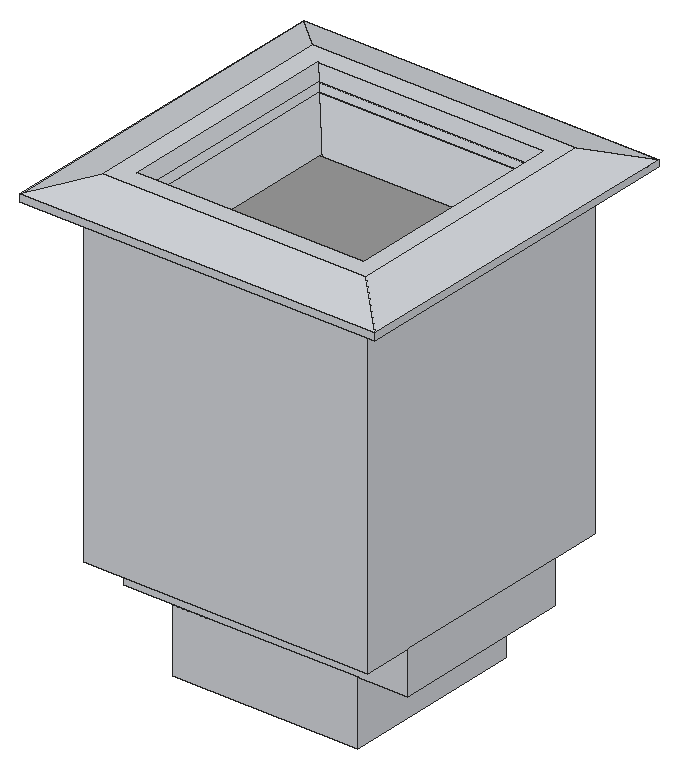
Revit family "2061029 Sylvania Lighting Fixture DOMINO 1xLED 940 BLACK NB TRIM WHITE", category Lighting Fixtures, host Face, Revit 2018
Family settings
  Host = Face
  Round Connector Dimension = Use Diameter
  Part Type = Normal
  OmniClass Number = 23.80.70.00
  OmniClass Title = Lighting
  Cut with Voids When Loaded = No
  Light Source = Yes
  Shared = No
  Room Calculation Point = No
Parameters (values of type "2061029 DOMINO 1XLED 940 BLACK NB TR WHT ")
  top top width = 15.812 mm
  top top length = 26 mm
  Width = 50 mm
  Weight = "n/a"
  Wattage Comments = ""
  Wattage = 9.2903 W
  WarrantyStartDate [instance] = "n/a"
  WarrantyGuarantorParts = "n/a"
  WarrantyDurationUnit = "n/a"
  WarrantyDurationParts = ""
  WarrantyDescription = "http://www.sylvania-lighting.com"
  built-in parameter 1150110 = 1 (stored number, unit not read)
  Voltage = 0 V
  URL = "0.6"
  TypeName = "DOMINO 1xLED 940 BLACK NB TRIM WHITE"
  Type Image = <None>
  Type Comments = "n/a"
  built-in parameter 1114217 = 1 (stored number, unit not read)
  Top Width = 26 mm
  Tilt Angle = 90.00°
  built-in parameter 1150109 = 1 (stored number, unit not read)
  built-in parameter 1150134 = 3
  built-in parameter 1150113 = 1 (stored number, unit not read)
  SerialNumber [instance] = "n/a"
  Recessed Width = 43 mm
  Recessed Length = 43 mm
  Photometric Web File = "2061029.ies"
  Material_3_FEILO = none
  PowerFactor = 0
  PowerConsumption = "Lighting"
  NominalLength = 50 mm
  NominalHeight = 0 mm
  NominalDepth = 0 mm
  Name = "DOMINO 1xLED 940 BLACK NB TRIM WHITE"
  ModelReference = Name  # "DOMINO 1xLED 940 BLACK NB TRIM WHITE"
  ModelNumber = "2061029"
  Model = Name  # "DOMINO 1xLED 940 BLACK NB TRIM WHITE"
  Material = "Feilo Sylvania"
  ManufacturerName = "49 lm/W"
  Manufacturer = ""
  LuminousEfficacy = ""
  built-in parameter 1150105 = 109.82 (stored number, unit not read)
  Lumens = 1380 lm
  LuminaireType = "0"
  built-in parameter 1150115 = 1 (stored number, unit not read)
  LightOutputRatio = "LED"
  built-in parameter 1150137 = (empty or 0)
  built-in parameter 1150139 = (empty or 0)
  Lens inside recess = 25 mm
  Lens Width = 32 mm
  Lens Outside recess = 31.978 mm
  Lens = Glass, White, High Luminance
  Length = 50 mm
  LampsType = Lamp  # "n/a"
  LampNominalLuminous = "4000 K"
  LampMacAdamStep = "90"
  LampColourTemperature = "LED"
  LampColourRenderingIndex = "16500"
  built-in parameter 1150112 = 1 (stored number, unit not read)
  built-in parameter 1150114 = 1 (stored number, unit not read)
  Lamp = "n/a"
  Keynote = "n/a"
  InstallationDate [instance] = "n/a"
  InputVoltage = "0"
  InputNominalFrequency = "4000"
  built-in parameter 1150132 = (empty or 0)
  built-in parameter 1150102 = (empty or 0)
  built-in parameter 1150107 = 3200 (stored number, unit not read)
  built-in parameter 1150138 = (empty or 0)
  IngressProtection = "IfcLightFixtureType"
  ImpactProtectionIndex = "IfcLightFixtureType"
  built-in parameter 1150106 = 1.0982 (stored number, unit not read)
  IfcExportType = "IfcLightFixtureType"
  IfcExportAs = "Class II"
  Facia internal width = 37 mm
  Facia internal length = 37 mm
  Facia Height = 2 mm
  ExpectedLife = 50000
  Emit from Circle Diameter = 609.6 mm
  Emit Shape Visible in Rendering = no
  ElectricShockClassification = "49"
  built-in parameter 1150104 = 13.8 (stored number, unit not read)
  DurationUnit = "hours"
  DocumentationLiterature = "http://www.sylvania-lighting.com/product/en-int/products/2061029"
  DimmingControlOptions = "n/a"
  Material_2_FEILO = none
  Dimming Lamp Color Temperature Shift = <None>
  Description = "Modular LED recessed linear spotlight, ideal for retail and hospitality applications. Die-cast aluminium body, passive cooling. Two levels of reflector installation, low glaring UGR<16. 1x LED source, 15° beam angle , optics: PMMA lens and polycarbonate reflector combination, Black matt reflector finish. Light color temperature: 4000K neutral white, total system power: 4W , total fixture lumen output: 195lm, efficacy: 49 lm/W, Ra90 typical, LED chromacity: 3 step MacAdam ellipse (SDCM3), lifespan: 96,000 hours at 90% of the original output (L90B10), IR/UV free light source without heat radiation, operating voltage: 220-240V / 50-60Hz, electronic driver, ultra low flicker, non-dimmable , electrical protection: Class II. Degree of Protection: IP40/IP20, suitable for indoor environment only. Ceiling cut-out: 43x43mm, outer dimensions:  50x50mm trim frame RAL 9016 - Traffic white / Bezel color.5 years Warranty."
  Default Elevation = 1219.2 mm
  CreatedOn = "09/02/2021"
  CreatedBy = "@sylvania-lighting.com"
  Cost = 0
  Color Filter = 16777215
  built-in parameter 1114216 [instance] = (empty or 0)
  ClassificationValue = "EF_70_80"
  ClassificationName = "Uniclass2015"
  Material_1_FEILO = none
  Body Width = 40 mm
  Body Length = 40 mm
  BarCode [instance] = "n/a"
  built-in parameter 1114218 = 1 (stored number, unit not read)
  built-in parameter 1150133 = 10 (stored number, unit not read)
  AssetType = "Fixed"
  AssetIdentifier [instance] = "n/a"
  Assembly Code = "D5020200"
  Apparent Load = 4 VA
  Material_4_FEILO = none
Reference planes
  plane 1 "Center (Front/Back)": y = 0
  plane 2: z = 0
  plane 3 "Center (Left/Right)": x = 0
  plane 4: z = 0
  plane 5: z = -7
  plane 6: z = -45.895
  plane 7: z = -51.895
  plane 8: z = -60.895
  plane 9: x = -21.5
  plane 10: x = 21.5
  plane 11: y = 21.5
  plane 12: y = -21.5
  plane 13: x = -25
  plane 14: x = 25
  plane 15: y = 25
  plane 16: y = -25
  plane 17: x = 18.5
  plane 18: x = -18.5
  plane 19: y = 18.5
  plane 20: y = -18.5
  plane 21: z = 2
  plane 22: x = -20
  plane 23: x = 20
  plane 24: y = 20
  plane 25: y = -20
  plane 26: y = 13
  plane 27: y = -13
  plane 28: y = 16
  plane 29: y = -16
  plane 30: x = 13
  plane 31: x = -13
  plane 32: x = -15.772
  plane 33: x = 16.206
  plane 34: y = 12.5
  plane 35: y = -12.5
  plane 36: x = -12.5
  plane 37: x = 12.5
Forms (mm)
  Extrusion 1, solid, not visible, detail levels medium+fine
    sketch origin (4.2, 0, 0) x (1, 0, 0) y (0, 1, 0)
      loop
        line (-29.2, 34.5) -> (-29.2, -34.5) -> (20.8, -34.5) -> (20.8, 34.5) -> (-29.2, 34.5)
    from 0 to 1
  Extrusion 2, solid, not visible, detail levels medium+fine
    sketch origin (4.044, 0, 0) x (1, 0, 0) y (0, 1, 0)
      loop
        line (-29.2, 34.5) -> (-29.2, -34.5) -> (20.8, -34.5) -> (20.8, 34.5) -> (-29.2, 34.5)
    from 0 to 1
  Blend 3, solid, not visible, detail levels medium+fine
    base sketch origin (4.2, 0, 0) x (1, 0, 0) y (0, 1, 0)
      loop
        line (-29.2, 34.5) -> (-29.2, -34.5) -> (20.8, -34.5) -> (20.8, 34.5) -> (-29.2, 34.5)
    top sketch origin (4.2, 0, 0) x (1, 0, 0) y (0, 1, 0)
      loop
        line (-21.7, 28) -> (-21.7, -28) -> (13.3, -28) -> (13.3, 28) -> (-21.7, 28)
    from 1 to 3
  Extrusion 4, solid, not visible, detail levels medium+fine
    sketch origin (3.419, 0, 0) x (1, 0, 0) y (0, 1, 0)
      loop
        line (-29.2, 34.5) -> (-29.2, -34.5) -> (20.8, -34.5) -> (20.8, 34.5) -> (-29.2, 34.5)
    from 0 to 1
  Blend 5, solid, not visible, detail levels medium+fine
    base sketch origin (3.575, 0, 0) x (1, 0, 0) y (0, 1, 0)
      loop
        line (-29.2, 34.5) -> (-29.2, -34.5) -> (20.8, -34.5) -> (20.8, 34.5) -> (-29.2, 34.5)
    top sketch origin (3.575, 0, 0) x (1, 0, 0) y (0, 1, 0)
      loop
        line (-21.7, 28) -> (-21.7, -28) -> (13.3, -28) -> (13.3, 28) -> (-21.7, 28)
    from 1 to 3
  Extrusion 6, solid, not visible, detail levels medium+fine
    sketch origin (4.247, 0, 0) x (1, 0, 0) y (0, 1, 0)
      loop
        line (-29.2, 34.5) -> (-29.2, -34.5) -> (20.8, -34.5) -> (20.8, 34.5) -> (-29.2, 34.5)
    from 0 to 1
  Blend 7, solid, not visible, detail levels medium+fine
    base sketch origin (4.403, 0, 0) x (1, 0, 0) y (0, 1, 0)
      loop
        line (-29.2, 34.5) -> (-29.2, -34.5) -> (20.8, -34.5) -> (20.8, 34.5) -> (-29.2, 34.5)
    top sketch origin (4.403, 0, 0) x (1, 0, 0) y (0, 1, 0)
      loop
        line (-21.7, 28) -> (-21.7, -28) -> (13.3, -28) -> (13.3, 28) -> (-21.7, 28)
    from 1 to 3
  Extrusion 8, void, detail levels medium+fine
    sketch origin (4.2, 0, 0) x (0, 1, 0) y (1, 0, 0)
      loop
        line (21.5, -25.7) -> (21.5, 17.3) -> (-21.5, 17.3) -> (-21.5, -25.7) -> (21.5, -25.7)
    from -9.934 to 83.097
  Extrusion 9, solid, detail levels medium+fine
    sketch origin (4.2, 0, 0) x (1, 0, 0) y (0, 1, 0)
      loop
        line (-29.2, 25) -> (-29.2, -25) -> (20.8, -25) -> (20.8, 25) -> (-29.2, 25)
    from 0 to 1
  Extrusion 10, solid, detail levels medium+fine
    sketch origin (4.2, 0, 0) x (1, 0, 0) y (0, 1, 0)
      loop
        line (-24.2, 20) -> (-24.2, -20) -> (15.8, -20) -> (15.8, 20) -> (-24.2, 20)
    from 0 to -45.895
  Extrusion 11, solid, detail levels medium+fine
    sketch origin (4.2, 0, 0) x (1, 0, 0) y (0, 1, 0)
      loop
        line (-24.2, 13) -> (-24.2, -13) -> (15.8, -13) -> (15.8, 13) -> (-24.2, 13)
    from -51.895 to -45.895
  Extrusion 12, solid, material "Glass, White, High Luminance" <- "Lens", detail levels fine
    sketch origin (13.547, 1218.849, 36.156) x (1, 0, 0) y (0, 1, 0)
      loop
        line (-26.047, -1206.7) -> (-26.047, -1231.7) -> (-1.047, -1231.7) -> (-1.047, -1206.7) -> (-26.047, -1206.7)
    from -43.156 to -42.182
  Blend 13, solid, detail levels medium+fine
    base sketch origin (4.2, 0, 0) x (1, 0, 0) y (0, 1, 0)
      loop
        line (-29.2, 25) -> (-29.2, -25) -> (20.8, -25) -> (20.8, 25) -> (-29.2, 25)
    top sketch origin (4.2, 0, 0) x (1, 0, 0) y (0, 1, 0)
      loop
        line (-22.7, 18.5) -> (-22.7, -18.5) -> (14.3, -18.5) -> (14.3, 18.5) -> (-22.7, 18.5)
    from 1 to 3
  Extrusion 14, solid, detail levels fine
    sketch origin (0, 0, 0) x (1, 0, 0) y (0, 0, 1)
      loop
        line (-13, -51.895) -> (-13, -60.895) -> (13, -60.895) -> (13, -51.895) -> (-13, -51.895)
    from -13 to 13
  Blend 15, void, detail levels medium+fine
    base sketch origin (4.2, 0, 0) x (0, 1, 0) y (-1, 0, 0)
      loop
        line (16, 19.972) -> (-16, 19.972) -> (-16, -12.006) -> (16, -12.006) -> (16, 19.972)
    top sketch origin (4.2, 0, 0) x (0, 1, 0) y (-1, 0, 0)
      loop
        line (12.5, 16.7) -> (-12.5, 16.7) -> (-12.5, -8.3) -> (12.5, -8.3) -> (12.5, 16.7)
    from 3 to -7
  Extrusion 16, solid, detail levels coarse
    sketch origin (4.2, 0, 0) x (1, 0, 0) y (0, 1, 0)
      loop
        line (-29.2, 25) -> (-29.2, -25) -> (20.8, -25) -> (20.8, 25) -> (-29.2, 25)
    from 3 to -60.895
Cuts and joins
  Blend 15 cuts Extrusion 9
  Blend 15 cuts Extrusion 10
  Blend 15 cuts Blend 13
Dimensions and locks
  "Recessed Length": plane 9 to plane 10
  equal spacing: plane 9, plane 3 "Center (Left/Right)", plane 10
  "Length": plane 13 to plane 14
  equal spacing: plane 13, plane 3 "Center (Left/Right)", plane 14
  "Recessed Width": plane 11 to plane 12
  equal spacing: plane 11, plane 1 "Center (Front/Back)", plane 12
  "Width": plane 15 to plane 16
  equal spacing: plane 15, plane 1 "Center (Front/Back)", plane 16
  "Facia internal length": plane 18 to plane 17
  equal spacing: plane 18, plane 3 "Center (Left/Right)", plane 17
  "Facia internal width": plane 19 to plane 20
  equal spacing: plane 19, plane 1 "Center (Front/Back)", plane 20
  "Facia Height": plane 21 to host face
  "Body Length": plane 22 to plane 23
  equal spacing: plane 22, plane 3 "Center (Left/Right)", plane 23
  "Body Width": plane 24 to plane 25
  equal spacing: plane 24, plane 1 "Center (Front/Back)", plane 25
  "Top Width": plane 26 to plane 27
  equal spacing: plane 26, plane 1 "Center (Front/Back)", plane 27
  "Lens Width": plane 28 to plane 29
  equal spacing: plane 28, plane 1 "Center (Front/Back)", plane 29
  "top top length": plane 31 to plane 30
  equal spacing: plane 31, plane 3 "Center (Left/Right)", plane 30  (x2)
  plane 30 to plane 31 = 26 mm
  equal spacing: plane 30, plane 3 "Center (Left/Right)", plane 31
  "Lens Outside recess": plane 32 to plane 33
  "Lens inside recess": plane 34 to plane 35
  equal spacing: plane 34, plane 1 "Center (Front/Back)", plane 35
  aligned and locked: plane 2 to host face
  aligned and locked: level to host face
  aligned and locked: Extrusion 11 to plane 7
  aligned and locked: Extrusion 10 to plane 6
  aligned and locked: cut or joined group of Blend 13, Blend 15 to Blend 15
Automatic sketch dimensions
  host sketch curve to host sketch curve = 2438.4 mm  (x2)
  Extrusion 1 sketch curve to Extrusion 1 sketch curve = 50 mm
  Extrusion 1 sketch curve to Extrusion 1 sketch curve = 69 mm
  Extrusion 2 sketch curve to Extrusion 2 sketch curve = 50 mm
  Extrusion 2 sketch curve to Extrusion 2 sketch curve = 69 mm
  Blend 3 sketch curve to Blend 3 sketch curve = 50 mm
  Blend 3 sketch curve to Blend 3 sketch curve = 69 mm
  Blend 3 sketch curve to Blend 3 sketch curve = 35 mm
  Blend 3 sketch curve to Blend 3 sketch curve = 56 mm
  Extrusion 4 sketch curve to Extrusion 4 sketch curve = 50 mm
  Extrusion 4 sketch curve to Extrusion 4 sketch curve = 69 mm
  Blend 5 sketch curve to Blend 5 sketch curve = 50 mm
  Blend 5 sketch curve to Blend 5 sketch curve = 69 mm
  Blend 5 sketch curve to Blend 5 sketch curve = 35 mm
  Blend 5 sketch curve to Blend 5 sketch curve = 56 mm
  Extrusion 6 sketch curve to Extrusion 6 sketch curve = 50 mm
  Extrusion 6 sketch curve to Extrusion 6 sketch curve = 69 mm
  Blend 7 sketch curve to Blend 7 sketch curve = 50 mm
  Blend 7 sketch curve to Blend 7 sketch curve = 69 mm
  Blend 7 sketch curve to Blend 7 sketch curve = 35 mm
  Blend 7 sketch curve to Blend 7 sketch curve = 56 mm
  plane 9 to Extrusion 8 sketch curve = 0 mm
  Extrusion 8 sketch curve to plane 12 = 0 mm
  Extrusion 8 sketch curve to plane 11 = 0 mm
  Extrusion 8 sketch curve to plane 10 = 0 mm
  plane 13 to Extrusion 9 sketch curve = 0 mm
  plane 14 to Extrusion 9 sketch curve = 0 mm
  Extrusion 9 sketch curve to plane 16 = 0 mm
  Extrusion 9 sketch curve to plane 15 = 0 mm
  Extrusion 10 sketch curve to plane 22 = 0 mm
  Extrusion 10 sketch curve to plane 23 = 0 mm
  Extrusion 10 sketch curve to plane 25 = 0 mm
  Extrusion 10 sketch curve to plane 24 = 0 mm
  Extrusion 11 sketch curve to plane 22 = 0 mm
  Extrusion 11 sketch curve to plane 23 = 0 mm
  Extrusion 11 sketch curve to plane 27 = 0 mm
  Extrusion 11 sketch curve to plane 26 = 0 mm
  Extrusion 12 sketch curve to plane 11 = 9.351 mm
  plane 1 "Center (Front/Back)" to Extrusion 12 sketch curve = 12.851 mm
  plane 18 to Extrusion 12 sketch curve = 6 mm
  Blend 13 sketch curve to plane 13 = 0 mm
  Blend 13 sketch curve to plane 14 = 0 mm
  Blend 13 sketch curve to plane 16 = 0 mm
  Blend 13 sketch curve to plane 15 = 0 mm
  Blend 13 sketch curve to plane 18 = 0 mm
  Blend 13 sketch curve to plane 17 = 0 mm
  Blend 13 sketch curve to plane 20 = 0 mm
  Blend 13 sketch curve to plane 19 = 0 mm
  Extrusion 12 sketch curve to Extrusion 12 sketch curve = 25 mm
  Extrusion 14 sketch curve to plane 8 = 0 mm
  Extrusion 14 sketch curve to plane 31 = 0 mm
  Extrusion 14 sketch curve to plane 30 = 0 mm
  Extrusion 14 sketch curve to plane 7 = 0 mm
  Blend 15 sketch curve to plane 29 = 0 mm
  Blend 15 sketch curve to plane 28 = 0 mm
  Blend 15 sketch curve to plane 33 = 0 mm
  Blend 15 sketch curve to plane 32 = 0 mm
  Blend 15 sketch curve to plane 35 = 0 mm
  Blend 15 sketch curve to plane 34 = 0 mm
  Blend 15 sketch curve to plane 37 = 0 mm
  Blend 15 sketch curve to plane 36 = 0 mm
  Extrusion 16 sketch curve to plane 13 = 0 mm
  Extrusion 16 sketch curve to plane 14 = 0 mm
  Extrusion 16 sketch curve to plane 16 = 0 mm
  Extrusion 16 sketch curve to plane 15 = 0 mm
Connectors
  electrical at (0, 0, -60.895)
    settings: on Extrusion 14, index 1, voltage 0 V, apparent load 0 VA, apparent load phase1 0 VA, apparent load phase2 0 VA, apparent load phase3 0 VA, power factor 1, load classification "Other", number of poles 1, system type 31, power factor state 1, is connector primary yes, connector utility no, sub classification motor no, connector description ""
